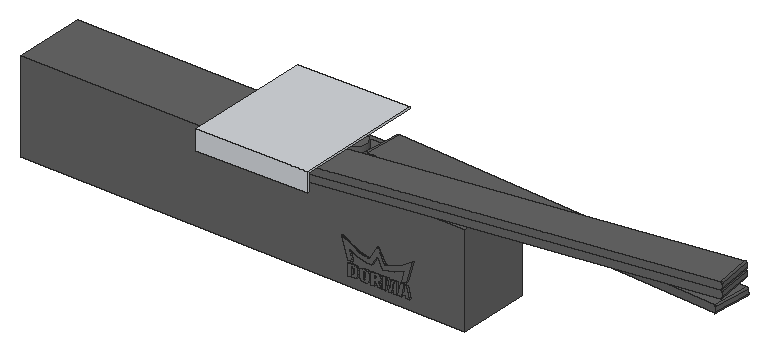
Revit family "DORMA TS 83 pa", category Specialty Equipment, Revit 2015
Parameters (values of type "TS 83")
  URL = "http://www.dorma-uk.co.uk/prod/door_controls/1_door_closers/3_rack_pinion_door_closers_with_projecting_arm/ts83/(code)/product_overview/(parent)/21785"
  Model = "TS 83"
  Manufacturer = "DORMA"
  Description = "DORMA TS 83Door closer"
  BTS 80 width = 105.137 mm
  BTS 80 length = 358.068 mm
  BTS 75 width = 105.137 mm
  BTS 75 Length = 308.068 mm
Types (7, lengths in mm): name | URL | Model | Description
  BTS 75 | "http://www.dorma-uk.co.uk/prod/door_controls/1_door_closers/1_cam_action_closers_with_slide_channel/ts93/(code)/product_overview/(parent)/21785" | "TS 93 EN 2-5" | "DORMA TS 93 Door closer"
  TS 93 | "http://www.dorma-uk.co.uk/prod/door_controls/1_door_closers/1_cam_action_closers_with_slide_channel/ts93/(code)/product_overview/(parent)/21785" | "TS 91 EN 3" | "DORMA TS 91 Door closer"
  TS 91 | "http://www.dorma-uk.co.uk/prod/door_controls/1_door_closers/1_cam_action_closers_with_slide_channel/ts93/(code)/product_overview/(parent)/21785" | "TS 92 EN 2-4" | "DORMA TS 92 Door closer"
  TS 92 | "http://www.dorma-uk.co.uk/prod/door_controls/1_door_closers/1_cam_action_closers_with_slide_channel/ts93/(code)/product_overview/(parent)/21785" | "TS 71" | "DORMA TS 71 Door closer"
  TS 71 | "http://www.dorma-uk.co.uk/prod/door_controls/1_door_closers/3_rack_pinion_door_closers_with_projecting_arm/ts72/(code)/product_overview/(parent)/21785" | "TS 72" | "DORMA TS 72Door closer"
  TS 72 | "http://www.dorma-uk.co.uk/prod/door_controls/1_door_closers/3_rack_pinion_door_closers_with_projecting_arm/ts83/(code)/product_overview/(parent)/21785" | "TS 83" | "DORMA TS 83Door closer"
  TS 83 | "http://www.dorma-uk.co.uk/prod/door_controls/1_door_closers/3_rack_pinion_door_closers_with_projecting_arm/ts83/(code)/product_overview/(parent)/21785" | "TS 83" | "DORMA TS 83Door closer"
Reference planes
  plane 1 "Center (Front/Back)": y = 0
  plane 2: z = 0
  plane 3 "Center (Left/Right)": x = 0
Forms (mm)
  Revolve 1, solid, not visible
    sketch origin (-7.512, -64.815, 51.25) x (1, 0, 0) y (0, 1, 0)
      loop
        arc (7.688, 110.462) -> (7.273, 110.047) -> (7.688, 109.633) r 0.415
        line (7.688, 109.633) -> (7.688, 110.462)
      axis (7.688, 110.462) -> (7.688, 109.462)
    angle from 0 to 360
  Sweep 2, solid, material "Door Closer"
    path origin (1.253, -47, 8) x (1, 0, 0) y (0, 1, 0)
      loop
        line (-1.253, 53) -> (291.747, 53)
    profile origin (146.5, 6, 8) x (0, 1, 0) y (0, 0, 1)
      loop
        line (-6, 0) -> (-6, 60) -> (-53.5, 60) -> (-53.5, 0) -> (-6, 0)
  Extrusion 3, solid, material "Door Closer"
    sketch origin (403.739, 18.25, 161.975) x (0, 0, -1) y (1, 0, 0)
      loop
        line (124.578, -190.96) -> (138.402, -187.017) -> (138.402, -184.12) -> (131.626, -186.063)
        arc (131.626, -186.063) -> (134.035, -180.357) -> (135.537, -174.348) r 40.09
        arc (135.537, -174.348) -> (135.76, -172.856) -> (135.927, -171.357) r 40.09
        line (135.927, -171.357) -> (129.53, -167.663) -> (135.927, -163.97)
        arc (135.927, -163.97) -> (134.486, -156.41) -> (131.626, -149.264) r 40.09
        line (131.626, -149.264) -> (138.402, -151.207) -> (138.402, -148.31) -> (124.578, -144.367)
        arc (124.578, -144.367) -> (129.83, -152.999) -> (132.541, -162.732) r 36.864
        line (132.541, -162.732) -> (124, -167.663) -> (132.541, -172.595)
        arc (132.541, -172.595) -> (129.83, -182.328) -> (124.578, -190.96) r 36.864
      loop
        line (139.784, -148.053) -> (139.784, -152.343) -> (147.461, -154.149) -> (147.461, -151.44) -> (146.106, -151.196) -> (146.106, -149.2) -> (147.461, -148.956) -> (147.461, -146.247) -> (139.784, -148.053)
      loop
        line (144.752, -150.952) -> (144.752, -149.444) -> (140.562, -150.198) -> (144.752, -150.952)
      loop
        line (139.784, -154.601) -> (139.784, -158.214) -> (144.916, -159.343) -> (139.784, -160.472) -> (139.784, -164.084) -> (147.461, -164.084) -> (147.461, -161.826) -> (140.79, -161.826) -> (147.461, -160.359) -> (147.461, -158.327) -> (140.79, -156.859) -> (147.461, -156.859) -> (147.461, -154.601) -> (139.784, -154.601)
      loop
        arc (144.227, -166.676) -> (141.755, -165.006) -> (139.784, -167.245) r 2.258
        line (139.784, -167.245) -> (139.784, -171.761) -> (147.461, -171.761) -> (147.461, -169.503) -> (144.453, -169.503) -> (144.453, -168.674) -> (147.461, -167.471) -> (147.461, -164.987) -> (144.227, -166.676)
      loop
        line (142.889, -169.503) -> (142.889, -168.462)
        arc (142.889, -168.462) -> (142.634, -167.894) -> (142.042, -167.701) r 0.768
        arc (142.042, -167.701) -> (141.449, -167.894) -> (141.195, -168.465) r 0.768
        line (141.195, -168.465) -> (141.195, -169.503) -> (142.889, -169.503)
      loop
        arc (142.494, -172.664) -> (140.578, -173.457) -> (139.784, -175.372) r 2.71
        line (139.784, -175.372) -> (139.784, -176.725)
        arc (139.784, -176.725) -> (140.577, -178.643) -> (142.494, -179.438) r 2.71
        line (142.494, -179.438) -> (144.752, -179.438)
        arc (144.752, -179.438) -> (146.668, -178.645) -> (147.461, -176.729) r 2.71
        line (147.461, -176.729) -> (147.461, -175.374)
        arc (147.461, -175.374) -> (146.668, -173.458) -> (144.752, -172.664) r 2.709
        line (144.752, -172.664) -> (142.494, -172.664)
      loop
        arc (142.133, -175.205) -> (141.563, -175.458) -> (141.369, -176.051) r 0.768
        arc (141.369, -176.051) -> (141.563, -176.645) -> (142.133, -176.898) r 0.768
        line (142.133, -176.898) -> (145.112, -176.898)
        arc (145.112, -176.898) -> (145.683, -176.645) -> (145.876, -176.051) r 0.768
        arc (145.876, -176.051) -> (145.681, -175.456) -> (145.106, -175.205) r 0.768
        line (145.106, -175.205) -> (142.133, -175.205)
      loop
        line (147.461, -186.889) -> (147.461, -182.825)
        arc (147.461, -182.825) -> (146.734, -181.069) -> (144.977, -180.341) r 2.484
        line (144.977, -180.341) -> (142.27, -180.341)
        arc (142.27, -180.341) -> (140.511, -181.07) -> (139.784, -182.829) r 2.484
        line (139.784, -182.829) -> (139.784, -186.889) -> (147.461, -186.889)
      loop
        arc (141.931, -182.825) -> (141.531, -182.991) -> (141.365, -183.391) r 0.566
        line (141.365, -183.391) -> (141.365, -184.406) -> (145.881, -184.406) -> (145.881, -183.425)
        arc (145.881, -183.425) -> (145.705, -183.001) -> (145.28, -182.825) r 0.6
        line (145.28, -182.825) -> (141.931, -182.825)
    from 65 to 66.5
  Sweep 4, solid, material "Door Closer"
    path origin (416.397, -6.812, 86.127) x (-0.999848, -0.017452, 0) y (0.017452, -0.999848, 0)
      loop
        line (201.111, 80.907) -> (256.111, 80.907)
    profile origin (189.233, -91.697, 86.127) x (0.017452, -0.999848, 0) y (0, 0, 1)
      loop
        line (0, 0) -> (0, 8.5) -> (-15, 8.5) -> (-15, 7.5) -> (-1, 7.5) -> (-1, 1) -> (-15, 1) -> (-15, 0) -> (0, 0)
  Extrusion 5, void
    sketch origin (419.137, -28.12, -0.625) x (-0.999848, -0.017452, 0) y (0.017452, -0.999848, 0)
      loop
        line (201.111, 52) -> (196.59, 52) -> (196.59, 33.149) -> (259.277, 33.149) -> (259.277, 52) -> (256.111, 52) -> (231.131, 39.283)
        arc (231.131, 39.283) -> (228.611, 38.678) -> (226.091, 39.283) r 5.554
        line (226.091, 39.283) -> (201.111, 52)
    from 87.045 to 107.061
  Sweep 6, solid, material "Door Closer", not visible
    path origin (0, 0, 0) x (1, 0, 0) y (0, 1, 0)
      loop
        line (41.404, -53.211) -> (66.404, -53.211)
    profile origin (53.904, -53.211, 0) x (0, 1, 0) y (0, 0, 1)
      loop
        line (0, 0) -> (0, 4.406)
        arc (0, 4.406) -> (-0.174, 4.826) -> (-0.594, 5) r 0.594
        line (-0.594, 5) -> (-19.27, 5)
        arc (-19.27, 5) -> (-20.985, 5.459) -> (-22.24, 6.715) r 3.43
        line (-22.24, 6.715) -> (-25.914, 13.077)
        arc (-25.914, 13.077) -> (-27.321, 14.485) -> (-29.244, 15) r 3.845
        line (-29.244, 15) -> (-268.964, 15)
        arc (-268.964, 15) -> (-269.696, 14.696) -> (-270, 13.964) r 1.036
        line (-270, 13.964) -> (-270, 10.954)
        arc (-270, 10.954) -> (-269.721, 10.279) -> (-269.046, 10) r 0.954
        line (-269.046, 10) -> (-29.91, 10) -> (-26.57, 4.215)
        arc (-26.57, 4.215) -> (-23.485, 1.129) -> (-19.27, 0) r 8.43
        line (-19.27, 0) -> (0, 0)
  Extrusion 7, void, not visible
    sketch origin (0, 0, 0) x (1, 0, 0) y (0, 1, 0)
      loop
        arc (41.404, -65.711) -> (53.904, -53.211) -> (66.404, -65.711) r 12.5
        line (66.404, -65.711) -> (71.404, -65.711) -> (71.404, -48.983) -> (36.404, -48.983) -> (36.404, -65.711) -> (41.404, -65.711)
    from 0 to 10
  Extrusion 8, void, not visible
    sketch origin (0, -376.422, 0) x (1, 0, 0) y (0, 1, 0)
      loop
        line (41.404, 65.711) -> (36.404, 65.711) -> (36.404, 48.983) -> (71.404, 48.983) -> (71.404, 65.711) -> (66.404, 65.711)
        arc (66.404, 65.711) -> (53.904, 53.211) -> (41.404, 65.711) r 12.5
    from 10 to 17.502
  Sweep 9, solid, material "Door Closer"
    path origin (135.376, -72.748, 68) x (0.055962, 0.998433, 0) y (-0.998433, 0.055962, 0)
      loop
        line (41.404, -53.211) -> (66.404, -53.211)
    profile origin (191.52, -21.906, 68) x (-0.998433, 0.055962, 0) y (0, 0, 1)
      loop
        line (0, 0) -> (0, 4.406)
        arc (0, 4.406) -> (-0.174, 4.826) -> (-0.594, 5) r 0.594
        line (-0.594, 5) -> (-19.27, 5)
        arc (-19.27, 5) -> (-20.985, 5.459) -> (-22.24, 6.715) r 3.43
        line (-22.24, 6.715) -> (-25.914, 13.077)
        arc (-25.914, 13.077) -> (-27.321, 14.485) -> (-29.244, 15) r 3.845
        line (-29.244, 15) -> (-268.964, 15)
        arc (-268.964, 15) -> (-269.696, 14.696) -> (-270, 13.964) r 1.036
        line (-270, 13.964) -> (-270, 10.954)
        arc (-270, 10.954) -> (-269.721, 10.279) -> (-269.046, 10) r 0.954
        line (-269.046, 10) -> (-29.91, 10) -> (-26.57, 4.215)
        arc (-26.57, 4.215) -> (-23.485, 1.129) -> (-19.27, 0) r 8.43
        line (-19.27, 0) -> (0, 0)
  Extrusion 10, void
    sketch origin (135.376, -72.748, 68) x (0.055962, 0.998433, 0) y (-0.998433, 0.055962, 0)
      loop
        arc (41.404, -65.711) -> (53.904, -53.211) -> (66.404, -65.711) r 12.5
        line (66.404, -65.711) -> (71.404, -65.711) -> (71.404, -48.983) -> (36.404, -48.983) -> (36.404, -65.711) -> (41.404, -65.711)
    from 0 to 10
  Sweep 11, solid, material "Door Closer"
    path origin (140.016, -138.228, 90) x (-0.152186, 0.988352, 0) y (-0.988352, -0.152186, 0)
      loop
        line (41.404, -53.211) -> (66.404, -53.211)
    profile origin (184.403, -76.854, 90) x (-0.988352, -0.152186, 0) y (0, 0, 1)
      loop
        line (0, 0) -> (0, 4.406)
        arc (0, 4.406) -> (-0.174, 4.826) -> (-0.594, 5) r 0.594
        line (-0.594, 5) -> (-20.713, 5)
        arc (-20.713, 5) -> (-24.689, 4.004) -> (-27.725, 1.25) r 8.43
        line (-27.725, 1.25) -> (-278.383, 1.25)
        arc (-278.383, 1.25) -> (-279.057, 0.971) -> (-279.337, 0.296) r 0.954
        line (-279.337, 0.296) -> (-279.337, -2.714)
        arc (-279.337, -2.714) -> (-279.033, -3.446) -> (-278.301, -3.75) r 1.036
        line (-278.301, -3.75) -> (-27.079, -3.75)
        arc (-27.079, -3.75) -> (-25.126, -3.217) -> (-23.714, -1.768) r 3.846
        arc (-23.714, -1.768) -> (-22.455, -0.475) -> (-20.713, 0) r 3.43
        line (-20.713, 0) -> (0, 0)
  Sweep 12, solid, material "Door Closer"
    path origin (140.016, -138.228, 95) x (-0.152186, 0.988352, 0) y (-0.988352, -0.152186, 0)
      loop
        line (41.404, -53.211) -> (66.404, -53.211)
    profile origin (184.403, -76.854, 95) x (-0.988352, -0.152186, 0) y (0, 0, 1)
      loop
        line (-279.337, 0.296) -> (-279.337, -2.714)
        arc (-279.337, -2.714) -> (-279.033, -3.446) -> (-278.301, -3.75) r 1.036
        line (-278.301, -3.75) -> (-29.306, -3.75)
        arc (-29.306, -3.75) -> (-28.188, -3.287) -> (-27.725, -2.169) r 1.581
        line (-27.725, -2.169) -> (-27.725, -0.412)
        arc (-27.725, -0.412) -> (-28.211, 0.763) -> (-29.387, 1.25) r 1.662
        line (-29.387, 1.25) -> (-278.383, 1.25)
        arc (-278.383, 1.25) -> (-279.057, 0.971) -> (-279.337, 0.296) r 0.954
  Extrusion 13, solid, material "Door Closer"
    sketch origin (239.251, -191.749, 0) x (-0.104528, 0.994522, 0) y (-0.994522, -0.104528, 0)
      loop
        circle (132.017, -225.39) r 5
    from 83 to 86.25
  Extrusion 14, solid, material "Door Closer"
    sketch origin (338.625, -292.043, 0) x (-0.997564, -0.069756, 0) y (0.069756, -0.997564, 0)
      loop
        circle (132.017, -225.39) r 5
    from 89.375 to 95.875
  Extrusion 15, solid, material "Door Closer"
    sketch origin (-13.908, -172.64, 0) x (-0.083538, 0.996505, 0) y (-0.996505, -0.083538, 0)
      loop
        circle (131.392, -226.64) r 7.489
    from 73 to 78
  Blend 16, solid
    base sketch origin (236.46, -189.74, 0) x (-0.083538, 0.996505, 0) y (-0.996505, -0.083538, 0)
      loop
        circle (169.627, 21.341) r 16.381
    top sketch origin (236.46, -189.74, 0) x (-0.083538, 0.996505, 0) y (-0.996505, -0.083538, 0)
      loop
        circle (169.627, 21.341) r 8.923
    from 8 to 2.5
  Extrusion 17, solid
    sketch origin (161.737, -92.177, 86.127) x (0, 0, 1) y (-0.017452, 0.999848, 0)
      loop
        line (10.894, 0) -> (-0.625, 0) -> (-0.625, -0.893) -> (11.996, -0.893) -> (11.996, 85.099) -> (10.894, 85.099) -> (10.894, 0)
    from 9.489 to -63.32
Cuts and joins
  Extrusion 5 cuts Sweep 4
  Extrusion 10 cuts Sweep 2
  Extrusion 10 cuts Sweep 9
Dimensions and locks
  aligned and locked: plane 2 to level
